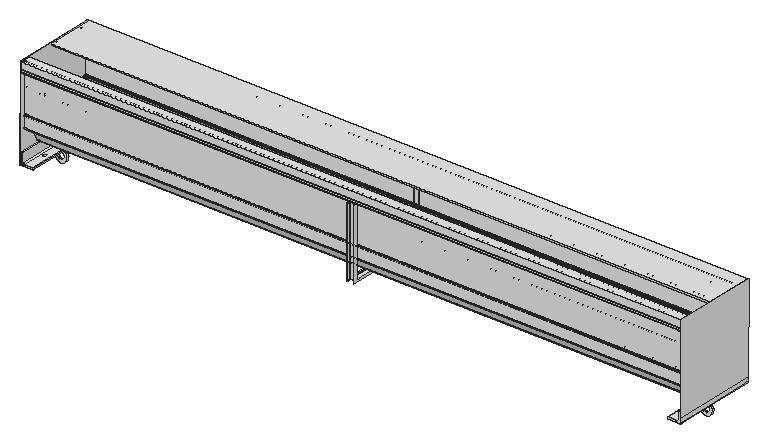
Revit family "Window_Shade-Draper_Inc.-Colossal_Flex_Shade", category Specialty Equipment, host Face, Revit 2012
Parameters (values of type "Colossal Flex Shade - 8'")
  Width = 1' - 0"  # constant formula
  Voltage = 120 V
  URL = "http://www.draperinc.com"
  Support Two = if(and(C Length > 14' 11", C Length < 19' 11"), 1 = 1, 1 = 0)  # no
  Support Three = C Length > 19' 11"  # no
  Support One = if(and(C Length > 7' 11", C Length < 14' 11"), 1 = 1, 1 = 0)  # yes
  Shade Material = Fabric - Draper - SunBloc - Series SB900
  Raised [instance] = not(Lowered)  # yes
  Product Page URL = "http://www.draperinc.com/WindowShades/shadeProducts.asp?detail=7"
  Product Documentation Link = "http://www.draperinc.com/filedownload.asp?pathname=WindowShades/submittals&filename=ColossalFlexShade_Sub.pdf"
  Power Factor = 1
  Phase = 1
  Overall Height = 7' - 0"
  Number of Poles = 1
  Notes = "Maximum size 28’-9” wide x 36’ height. Other sizes available. Contact Draper for details."  # constant formula
  Model = "Colossal FlexShade"  # constant formula
  Material = ""
  Manufacturer = "Draper Inc."  # constant formula
  Lowered [instance] = no
  Length = 8' - 0"
  Frequency = 60 Hz
  Description = "Window Shade"  # constant formula
  Default Elevation = if(Overall Height < 0' 4", 0' 4", if(Overall Height > 36' 0", 36' 0", Overall Height))  # 7' - 0"
  Case Material = Paint - Draper - White
  C Length = if(Length < 3' 0", 3' 0", if(Length > 28' 9", 28' 9", Length))  # 8' - 0"
  C Height = 7' - 0"
  Apparent Load = 132 VA
Reference planes (in)
  plane 1 "Center (Front/Back)": y = 0
  plane 2: z = 0
  plane 3 "Center (Left/Right)": x = 0
  plane 4 "Left": x = -48
  plane 5 "Right": x = 48
  plane 6: x = -47
  plane 7: x = 47
  plane 8 "Back": y = 6
  plane 9 "Front": y = -6
  plane 10: x = -47.09375
  plane 11: x = 47.09375
  plane 12: z = 0.12194
  plane 13 "Top": z = 84.12194
  plane 14: x = -41
  plane 15: x = 41
  plane 16: z = -11.33477
  plane 17 "Bottom": z = -13.25
Forms (in)
  Extrusion 1, solid, material "Paint - Draper - White" <- "Case Material"
    sketch origin (0, 0, 0) x (0, 1, 0) y (0, 0, 1)
      loop
        line (6, 0) -> (-0.725, 0) -> (-0.725, -0.24) -> (-0.59494, -0.24) -> (-0.59494, -0.17) -> (-0.655, -0.17) -> (-0.655, -0.1) -> (-0.025, -0.1) -> (-0.025, -0.17) -> (-0.08496, -0.17) -> (-0.08496, -0.24) -> (-0.025, -0.24) -> (-0.025, -0.35) -> (0.055, -0.35) -> (0.055, -0.1) -> (1.375, -0.1) -> (1.375, -0.18) -> (1.625, -0.18) -> (1.625, -0.1) -> (2.945, -0.1) -> (2.945, -0.18) -> (3.195, -0.18) -> (3.195, -0.1) -> (4.525, -0.1) -> (4.525, -0.228)
        arc (4.525, -0.228) -> (4.5578, -0.3072) -> (4.637, -0.34) r 0.112
        line (4.637, -0.34) -> (5.03193, -0.34) -> (5.24843, -0.715)
        arc (5.24843, -0.715) -> (5.33452, -0.80027) -> (5.452, -0.82996) r 0.23
        line (5.452, -0.82996) -> (5.452, -1.21) -> (5.9, -1.21) -> (5.9, -1.38) -> (5.452, -1.38) -> (5.452, -3.41773)
        arc (5.452, -3.41773) -> (5.28517, -3.38574) -> (5.1484, -3.4865) r 0.212
        line (5.1484, -3.4865) -> (5.23501, -3.5365)
        arc (5.23501, -3.5365) -> (5.444, -3.5925) -> (5.23501, -3.6485) r 0.112
        line (5.23501, -3.6485) -> (5.1484, -3.6985)
        arc (5.1484, -3.6985) -> (5.28517, -3.79926) -> (5.452, -3.76727) r 0.212
        line (5.452, -3.76727) -> (5.452, -6.63118)
        arc (5.452, -6.63118) -> (5.37307, -6.59925) -> (5.2945, -6.63206) r 0.112
        line (5.2945, -6.63206) -> (5.245, -6.68155) -> (5.1955, -6.63206)
        arc (5.1955, -6.63206) -> (5.11631, -6.59925) -> (5.03711, -6.63206) r 0.112
        line (5.03711, -6.63206) -> (4.97206, -6.69711)
        arc (4.97206, -6.69711) -> (4.93925, -6.77631) -> (4.97206, -6.8555) r 0.112
        line (4.97206, -6.8555) -> (5.0213, -6.90475) -> (4.97206, -6.954)
        arc (4.97206, -6.954) -> (4.93925, -7.03319) -> (4.97206, -7.11239) r 0.112
        line (4.97206, -7.11239) -> (5.03711, -7.17744)
        arc (5.03711, -7.17744) -> (5.11631, -7.21025) -> (5.1955, -7.17744) r 0.112
        line (5.1955, -7.17744) -> (5.245, -7.12795) -> (5.2945, -7.17744)
        arc (5.2945, -7.17744) -> (5.37307, -7.21025) -> (5.452, -7.17832) r 0.112
        line (5.452, -7.17832) -> (5.452, -8.6795) -> (4.452, -8.6795)
        arc (4.452, -8.6795) -> (4.39386, -8.69577) -> (4.35261, -8.73986) r 0.112
        line (4.35261, -8.73986) -> (3.18206, -10.99274)
        arc (3.18206, -10.99274) -> (3.10408, -10.91071) -> (2.995, -10.8805) r 0.212
        line (2.995, -10.8805) -> (2.995, -10.9805)
        arc (2.995, -10.9805) -> (3.051, -11.18949) -> (2.89801, -11.0365) r 0.112
        line (2.89801, -11.0365) -> (2.8114, -10.9865)
        arc (2.8114, -10.9865) -> (2.78316, -11.10078) -> (2.82023, -11.2125) r 0.212
        line (2.82023, -11.2125) -> (0.27382, -11.2125)
        arc (0.27382, -11.2125) -> (0.30575, -11.13357) -> (0.27294, -11.055) r 0.112
        line (0.27294, -11.055) -> (0.22345, -11.0055) -> (0.27294, -10.956)
        arc (0.27294, -10.956) -> (0.30575, -10.87681) -> (0.27294, -10.79761) r 0.112
        line (0.27294, -10.79761) -> (0.20789, -10.73256)
        arc (0.20789, -10.73256) -> (0.12869, -10.69975) -> (0.0495, -10.73256) r 0.112
        line (0.0495, -10.73256) -> (0, -10.78205) -> (-0.0495, -10.73256)
        arc (-0.0495, -10.73256) -> (-0.12869, -10.69975) -> (-0.20789, -10.73256) r 0.112
        line (-0.20789, -10.73256) -> (-0.27294, -10.79761)
        arc (-0.27294, -10.79761) -> (-0.30575, -10.87681) -> (-0.27294, -10.956) r 0.112
        line (-0.27294, -10.956) -> (-0.22345, -11.0055) -> (-0.27294, -11.055)
        arc (-0.27294, -11.055) -> (-0.30575, -11.13357) -> (-0.27382, -11.2125) r 0.112
        line (-0.27382, -11.2125) -> (-2.82023, -11.2125)
        arc (-2.82023, -11.2125) -> (-2.78316, -11.10078) -> (-2.8114, -10.9865) r 0.212
        line (-2.8114, -10.9865) -> (-2.89801, -11.0365)
        arc (-2.89801, -11.0365) -> (-3.051, -11.18949) -> (-2.995, -10.9805) r 0.112
        line (-2.995, -10.9805) -> (-2.995, -10.8805)
        arc (-2.995, -10.8805) -> (-3.10408, -10.91071) -> (-3.18206, -10.99274) r 0.212
        line (-3.18206, -10.99274) -> (-4.35261, -8.73986)
        arc (-4.35261, -8.73986) -> (-4.39386, -8.69577) -> (-4.452, -8.6795) r 0.112
        line (-4.452, -8.6795) -> (-5.452, -8.6795) -> (-5.452, -7.17832)
        arc (-5.452, -7.17832) -> (-5.37307, -7.21025) -> (-5.2945, -7.17744) r 0.112
        line (-5.2945, -7.17744) -> (-5.245, -7.12795) -> (-5.1955, -7.17744)
        arc (-5.1955, -7.17744) -> (-5.11631, -7.21025) -> (-5.03711, -7.17744) r 0.112
        line (-5.03711, -7.17744) -> (-4.97206, -7.11239)
        arc (-4.97206, -7.11239) -> (-4.93925, -7.03319) -> (-4.97206, -6.954) r 0.112
        line (-4.97206, -6.954) -> (-5.0213, -6.90475) -> (-4.97206, -6.8555)
        arc (-4.97206, -6.8555) -> (-4.93925, -6.77631) -> (-4.97206, -6.69711) r 0.112
        line (-4.97206, -6.69711) -> (-5.03711, -6.63206)
        arc (-5.03711, -6.63206) -> (-5.11631, -6.59925) -> (-5.1955, -6.63206) r 0.112
        line (-5.1955, -6.63206) -> (-5.245, -6.68155) -> (-5.2945, -6.63206)
        arc (-5.2945, -6.63206) -> (-5.37307, -6.59925) -> (-5.452, -6.63118) r 0.112
        line (-5.452, -6.63118) -> (-5.452, -3.76727)
        arc (-5.452, -3.76727) -> (-5.28517, -3.79926) -> (-5.1484, -3.6985) r 0.212
        line (-5.1484, -3.6985) -> (-5.23501, -3.6485)
        arc (-5.23501, -3.6485) -> (-5.444, -3.5925) -> (-5.23501, -3.5365) r 0.112
        line (-5.23501, -3.5365) -> (-5.1484, -3.4865)
        arc (-5.1484, -3.4865) -> (-5.28517, -3.38574) -> (-5.452, -3.41773) r 0.212
        line (-5.452, -3.41773) -> (-5.452, -1.38) -> (-5.9, -1.38) -> (-5.9, -1.21) -> (-5.452, -1.21) -> (-5.452, -0.84) -> (-5.9, -0.84) -> (-5.9, -0.1) -> (-5.632, -0.1)
        arc (-5.632, -0.1) -> (-5.72936, -0.24664) -> (-5.6824, -0.41627) r 0.212
        line (-5.6824, -0.41627) -> (-5.6058, -0.35199)
        arc (-5.6058, -0.35199) -> (-5.48169, -0.17475) -> (-5.50055, -0.3903) r 0.112
        line (-5.50055, -0.3903) -> (-5.48319, -0.48878)
        arc (-5.48319, -0.48878) -> (-5.31186, -0.32025) -> (-5.408, -0.1) r 0.212
        line (-5.408, -0.1) -> (-4.695, -0.1) -> (-4.695, -0.17) -> (-4.75501, -0.17) -> (-4.75501, -0.24) -> (-4.625, -0.24) -> (-4.625, 0) -> (-6, 0) -> (-6, -0.94) -> (-5.552, -0.94) -> (-5.552, -1.11) -> (-6, -1.11) -> (-6, -1.368)
        arc (-6, -1.368) -> (-5.9672, -1.4472) -> (-5.888, -1.48) r 0.112
        line (-5.888, -1.48) -> (-5.552, -1.48) -> (-5.552, -6.82095) -> (-5.46845, -6.9045) -> (-5.552, -6.98805) -> (-5.552, -8.6675)
        arc (-5.552, -8.6675) -> (-5.5192, -8.7467) -> (-5.44, -8.7795) r 0.112
        line (-5.44, -8.7795) -> (-4.44471, -8.7795) -> (-3.19022, -11.19393)
        arc (-3.19022, -11.19393) -> (-3.1092, -11.28054) -> (-2.995, -11.3125) r 0.22
        line (-2.995, -11.3125) -> (-0.08355, -11.3125) -> (0, -11.22895) -> (0.08355, -11.3125) -> (2.995, -11.3125)
        arc (2.995, -11.3125) -> (3.1092, -11.28054) -> (3.19022, -11.19393) r 0.22
        line (3.19022, -11.19393) -> (4.44471, -8.7795) -> (5.44, -8.7795)
        arc (5.44, -8.7795) -> (5.5192, -8.7467) -> (5.552, -8.6675) r 0.112
        line (5.552, -8.6675) -> (5.552, -6.98805) -> (5.4687, -6.90475) -> (5.552, -6.82145) -> (5.552, -1.48) -> (5.888, -1.48)
        arc (5.888, -1.48) -> (5.9672, -1.4472) -> (6, -1.368) r 0.112
        line (6, -1.368) -> (6, -1.11) -> (5.552, -1.11) -> (5.552, -0.94) -> (6, -0.94) -> (6, 0)
    from -47 to 47
  Extrusion 2, solid, material "Paint - Draper - White" <- "Case Material"
    sketch origin (0, 0, 0) x (0, 1, 0) y (0, 0, 1)
      loop
        line (-6, -13.25) -> (6, -13.25) -> (6, 0) -> (-6, 0) -> (-6, -13.25)
    from -47.09375 to -47
  Extrusion 3, solid, material "Paint - Draper - White" <- "Case Material"
    sketch origin (0, 0, 0) x (0, 1, 0) y (0, 0, 1)
      loop
        line (6, -12.4851) -> (6, 0) -> (-6, 0) -> (-6, -12.4851) -> (6, -12.4851)
    from 47 to 47.09375
  Extrusion 4, void
    sketch origin (0, 0, 0) x (1, 0, 0) y (0, 1, 0)
      loop
        line (-47.09375, 6) -> (-47.09375, -6) -> (47.09375, -6) -> (47.09375, 6) -> (-47.09375, 6)
    from -13.12806 to 0.12194
  Extrusion 5, solid, material "Fabric - Draper - SunBloc - Series SB900" <- "Shade Material", visible <- "Lowered"
    sketch origin (0, 0, 0) x (0, 1, 0) y (0, 0, 1)
      loop
        line (-3.2475, 82.01885) -> (-3.1875, 82.01885) -> (-3.1875, 82.26885) -> (-2.66596, 82.7904)
        arc (-2.66596, 82.7904) -> (-3.2175, 84.12194) -> (-3.76904, 82.7904) r 0.78
        line (-3.76904, 82.7904) -> (-3.2475, 82.26885) -> (-3.2475, 82.01885)
    from -41 to 41
  Sweep 6, solid, material "Fabric - Draper - SunBloc - Series SB900" <- "Shade Material", visible <- "Lowered"
    path origin (0, 0, 0) x (0, 1, 0) y (0, 0, 1)
      loop
        line (-3.2175, 82.12194) -> (-3.2175, -3.49177)
    profile origin (0, -3.2175, 39.31509) x (1, 0, 0) y (0, 1, 0)
      loop
        line (-41, 0.03125) -> (-41, -0.03125) -> (41, -0.03125) -> (41, 0.03125) -> (-41, 0.03125)
  Extrusion 7, solid, material "Paint - Draper - White" <- "Case Material"
    sketch origin (0, 0, 0) x (0, 1, 0) y (0, 0, 1)
      loop
        circle (-3.5, -1.5) r 0.4375
      loop
        circle (3.5, -1.5) r 0.4375
    from -47.13344 to -47.09375
Lines and regions (in)
  Masking region 1
    outline origin (0, 0, 0) x (1, 0, 0) y (0, 1, 0)
      loop
        line (-47.09375, 6) -> (-47.09375, -6) -> (47.09375, -6) -> (47.09375, 6) -> (-47.09375, 6)
      loop
        line (-47, -0.725) -> (-47, -4.35261) -> (47, -4.35261) -> (47, -0.725) -> (-47, -0.725)
  symbolic lines, detail levels fine
    curve 1: line (-46.75, -3.99901, 0) -> (-46.75, 3.99901, 0)
    curve 2: line (46.75, 3.99901, 0) -> (46.75, -3.99901, 0)
Dimensions and locks (in)
  equal spacing: plane 4 "Left", plane 3 "Center (Left/Right)", plane 5 "Right"
  "C Length": plane 4 "Left" to plane 5 "Right"
  plane 4 "Left" to plane 6 = 0' - 1"
  plane 7 to plane 5 "Right" = 0' - 1"
  locked: plane 10 to plane 6 at 0.09375
  locked: plane 7 to plane 11 at 0.09375
  locked: plane 12 to plane 2 at 0.12194
  equal spacing: Extrusion 4 sketch curve, plane 1 "Center (Front/Back)", Extrusion 4 sketch curve
  Extrusion 4 sketch curve to Extrusion 4 sketch curve = 1' - 0"
  "C Height": plane 13 "Top" to plane 12
  locked: plane 15 to plane 5 "Right" at 7
  locked: plane 4 "Left" to plane 14 at 7
  locked: plane 2 to Sweep 6 sketch curve at 3.49177
  locked: plane 13 "Top" to Sweep 6 sketch curve at 2
  Sweep 6 sketch curve to profile plane to Sweep 6 sketch curve = 0' - 0 1/32" locked, 0' - 0 1/32" locked
  Extrusion 2 sketch curve to plane 1 "Center (Front/Back)" to Extrusion 2 sketch curve = 0' - 6" locked, 0' - 6" locked
  Extrusion 3 sketch curve to plane 1 "Center (Front/Back)" to Extrusion 3 sketch curve = 0' - 6" locked, 0' - 6" locked
  plane 2 to Extrusion 2 = 1' - 1 1/4"
  plane 13 "Top" to Extrusion 5 sketch curve = 0' - 0"
  plane 13 "Top" to Extrusion 5 sketch curve to Extrusion 5 sketch curve = 0' - 1.85309" locked, 0' - 0 1/4" locked
  locked: plane 13 "Top" to Extrusion 5 sketch curve at 1.85309
  locked: nested 3 to plane 9 "Front" at 0.01172  (x2)
  equal spacing: plane 5 "Right", nested 5, nested 4, nested 3, plane 4 "Left"
  locked: nested 4 to plane 9 "Front" at 0.01172
  locked: Extrusion 7 sketch curve to plane 9 "Front" at 2.5
  locked: plane 2 to Extrusion 7 sketch curve at 1.5  (x2)
  locked: plane 8 "Back" to Extrusion 7 sketch curve at 2.5
  locked: plane 10 to Extrusion 7 at 0.03969
  equal spacing: plane 8 "Back", plane 1 "Center (Front/Back)", plane 9 "Front"
  "Width": plane 8 "Back" to plane 9 "Front"
  level to plane 17 "Bottom" = 1' - 1 1/4"
  locked: plane 1 "Center (Front/Back)" to Sweep 6 sketch curve at 3.2175
  plane 1 "Center (Front/Back)" to Extrusion 5 sketch curve to Extrusion 5 sketch curve to Extrusion 5 sketch curve to Extrusion 5 sketch curve = 0' - 2 7/16" locked, 0' - 0 3/4" locked, 0' - 0.06" locked, 0' - 0 3/4" locked
  equal spacing: plane 4 "Left", nested 3, nested 4, nested 5, plane 5 "Right"
  plane 2 to Extrusion 1 sketch curve to Extrusion 1 sketch curve to Extrusion 1 sketch curve to Extrusion 1 sketch curve = 0' - 0.1" locked, 0' - 0.07" locked, 0' - 0.07" locked, 0' - 0.11" locked
  plane 2 to Extrusion 1 sketch curve to Extrusion 1 sketch curve to Extrusion 1 sketch curve to Extrusion 1 sketch curve to Extrusion 1 sketch curve to Extrusion 1 sketch curve to Extrusion 1 sketch curve to Extrusion 1 sketch curve to Extrusion 1 sketch curve to Extrusion 1 sketch curve to Extrusion 1 sketch curve to Extrusion 1 sketch curve to Extrusion 1 sketch curve to Extrusion 1 sketch curve to Extrusion 1 sketch curve to Extrusion 1 sketch curve to Extrusion 1 sketch curve to Extrusion 1 sketch curve to Extrusion 1 sketch curve to Extrusion 1 sketch curve to Extrusion 1 sketch curve to Extrusion 1 sketch curve to Extrusion 1 sketch curve to Extrusion 1 sketch curve to Extrusion 1 sketch curve to Extrusion 1 sketch curve to Extrusion 1 sketch curve to Extrusion 1 sketch curve to Extrusion 1 sketch curve to Extrusion 1 sketch curve = 0' - 0.18" locked, 0' - 0.16" locked, 0' - 0.48996" locked, 0' - 0.11004" locked, 0' - 0.17" locked, 0' - 0.1" locked, 0' - 0.17" locked, 0' - 0.1" locked, 0' - 1.9005" locked, 0' - 0.1" locked, 0' - 0.324" locked, 0' - 2.79475" locked, 0' - 0" locked, 0' - 0.22219" locked, 0' - 0.03406" locked, 0' - 0.04925" locked, 0' - 0.04925" locked, 0' - 0.03406" locked, 0' - 0.22219" locked, 0' - 0" locked, 0' - 1.46925" locked, 0' - 0.1" locked, 0' - 1.95306" locked, 0' - 0.06505" locked, 0' - 0.08289" locked, 0' - 0.0755" locked, 0' - 0.17819" locked, 0' - 0 9/128" locked, 0' - 0.008" locked, 0' - 0.1" locked
  plane 8 "Back" to Extrusion 1 sketch curve to Extrusion 1 sketch curve to Extrusion 1 sketch curve to Extrusion 1 sketch curve to Extrusion 1 sketch curve to Extrusion 1 sketch curve to Extrusion 1 sketch curve to Extrusion 1 sketch curve to Extrusion 1 sketch curve to Extrusion 1 sketch curve to Extrusion 1 sketch curve to Extrusion 1 sketch curve to Extrusion 1 sketch curve to Extrusion 1 sketch curve = 0' - 0.1" locked, 0' - 0.348" locked, 0' - 0.1" locked, 0' - 0.42007" locked, 0' - 0.50693" locked, 0' - 1.33" locked, 0' - 0 1/4" locked, 0' - 1.32" locked, 0' - 0 1/4" locked, 0' - 1.32" locked, 0' - 0.08" locked, 0' - 0.05996" locked, 0' - 0.50998" locked, 0' - 0.06006" locked
  Extrusion 1 sketch curve to Extrusion 1 sketch curve to Extrusion 1 sketch curve to Extrusion 1 sketch curve to Extrusion 1 sketch curve to Extrusion 1 sketch curve to Extrusion 1 sketch curve to Extrusion 1 sketch curve to Extrusion 1 sketch curve to Extrusion 1 sketch curve to plane 9 "Front" = 0' - 0.07" locked, 0' - 0.06001" locked, 0' - 0.55299" locked, 0' - 0.144" locked, 0' - 0.1" locked, 0' - 0.08" locked, 0' - 0.1" locked, 0' - 0.168" locked, 0' - 0" locked, 0' - 0.1" locked
  plane 2 to Extrusion 1 sketch curve to Extrusion 1 sketch curve to Extrusion 1 sketch curve to Extrusion 1 sketch curve to Extrusion 1 sketch curve to Extrusion 1 sketch curve to Extrusion 1 sketch curve to Extrusion 1 sketch curve to Extrusion 1 sketch curve to Extrusion 1 sketch curve to Extrusion 1 sketch curve to Extrusion 1 sketch curve to Extrusion 1 sketch curve to Extrusion 1 sketch curve to Extrusion 1 sketch curve to Extrusion 1 sketch curve to Extrusion 1 sketch curve to Extrusion 1 sketch curve to Extrusion 1 sketch curve to Extrusion 1 sketch curve to Extrusion 1 sketch curve to Extrusion 1 sketch curve to Extrusion 1 sketch curve to Extrusion 1 sketch curve to Extrusion 1 sketch curve to Extrusion 1 sketch curve to Extrusion 1 sketch curve to Extrusion 1 sketch curve to Extrusion 1 sketch curve to Extrusion 1 sketch curve = 0' - 0.168" locked, 0' - 0.002" locked, 0' - 0.07" locked, 0' - 0.252" locked, 0' - 0.348" locked, 0' - 0.1" locked, 0' - 0.17" locked, 0' - 0.1" locked, 0' - 0.17" locked, 0' - 0.1" locked, 0' - 1.9005" locked, 0' - 0.1" locked, 0' - 0.324" locked, 0' - 2.79475" locked, 0' - 0" locked, 0' - 0.09786" locked, 0' - 0.12384" locked, 0' - 0.03456" locked, 0' - 0.049" locked, 0' - 0.0495" locked, 0' - 0.03406" locked, 0' - 0.12434" locked, 0' - 0.09786" locked, 0' - 0" locked, 0' - 1.46925" locked, 0' - 0.1" locked, 0' - 2.101" locked, 0' - 0.212" locked, 0' - 0.12" locked, 0' - 0.1" locked
  Extrusion 1 sketch curve to Extrusion 1 sketch curve to plane 1 "Center (Front/Back)" to Extrusion 1 sketch curve to Extrusion 1 sketch curve = 0' - 0.15839" locked, 0' - 0.0495" locked, 0' - 0.20789" locked, 0' - 0.06505" locked
  Extrusion 1 sketch curve to Extrusion 1 sketch curve to Extrusion 1 sketch curve to Extrusion 1 sketch curve to plane 1 "Center (Front/Back)" to Extrusion 1 sketch curve to Extrusion 1 sketch curve to Extrusion 1 sketch curve to Extrusion 1 sketch curve to Extrusion 1 sketch curve = 0' - 0.00088" locked, 0' - 0.0495" locked, 0' - 0.13989" locked, 0' - 0.08355" locked, 0' - 0" locked, 0' - 0.08355" locked, 0' - 0.13989" locked, 0' - 0.0495" locked, 0' - 0.00088" locked
  equal spacing: plane 4 "Left", nested 6, nested 7, plane 5 "Right"
  aligned and locked: plane 2 to host face
  aligned and locked: Extrusion 1 to plane 6
  aligned and locked: Extrusion 1 to plane 7
  aligned and locked: Extrusion 2 to Extrusion 1
  aligned and locked: Extrusion 2 to plane 10
  aligned and locked: Extrusion 3 to plane 11
  aligned and locked: Extrusion 3 to Extrusion 1
  aligned and locked: Extrusion 5 to plane 14
  aligned and locked: Extrusion 5 to plane 15
  aligned and locked: Sweep 6 sketch curve to plane 14
  aligned and locked: Sweep 6 sketch curve to plane 15
  aligned and locked: plane 1 "Center (Front/Back)" to nested 1
  aligned and locked: nested 1 to plane 6
  aligned and locked: plane 7 to nested 2
  aligned and locked: plane 2 to Extrusion 2 sketch curve
  aligned and locked: Masking region 1 sketch curve to plane 8 "Back"
  aligned and locked: plane 9 "Front" to Masking region 1 sketch curve
  aligned and locked: plane 10 to Masking region 1 sketch curve
  aligned and locked: plane 11 to Masking region 1 sketch curve
  aligned and locked: plane 11 to Extrusion 4 sketch curve
  aligned and locked: plane 10 to Extrusion 4 sketch curve
  aligned and locked: Extrusion 7 to Extrusion 2
  aligned and locked: Extrusion 1 sketch curve to Extrusion 3  (x2)
  aligned and locked: plane 17 "Bottom" to Extrusion 2 sketch curve
  aligned and locked: Extrusion 1 to Masking region 1 sketch curve
  aligned and locked: Masking region 1 sketch curve to Extrusion 1  (x2)
  aligned and locked: plane 6 to Masking region 1 sketch curve
  aligned and locked: plane 16 to nested 4
  aligned and locked: plane 16 to nested 5
  aligned and locked: plane 16 to nested 3
  aligned and locked: Extrusion 1 sketch curve to Extrusion 1 sketch curve  (x2)
  aligned and locked: plane 16 to nested 6
  aligned and locked: plane 16 to nested 7
  aligned and locked: plane 16 to nested 8
  aligned and locked: plane 3 "Center (Left/Right)" to nested 8
  aligned and locked: nested 6 to plane 1 "Center (Front/Back)"
  aligned and locked: nested 8 to plane 1 "Center (Front/Back)"
  aligned and locked: nested 7 to plane 1 "Center (Front/Back)"
Automatic sketch dimensions
  host sketch curve to host sketch curve = 8' - 0"  (x2)
  plane 9 "Front" to curve 1 = 0' - 2.00099"
  curve 1 to plane 8 "Back" = 0' - 2.00099"
  plane 9 "Front" to curve 2 = 0' - 2.00099"
  curve 2 to plane 8 "Back" = 0' - 2.00099"
  plane 7 to curve 2 = 0' - 0 1/4"
  plane 6 to curve 1 = 0' - 0 1/4"
  Extrusion 3 sketch curve to plane 2 = 0' - 0"
  Extrusion 4 sketch curve to plane 9 "Front" = 0' - 0"
  Extrusion 1 sketch curve to Extrusion 1 sketch curve = 0' - 0"  (x31)
  Extrusion 1 sketch curve to plane 9 "Front" = 0' - 0"  (x2)
  Extrusion 1 sketch curve to plane 2 = 0' - 0"
  Extrusion 1 sketch curve to plane 8 "Back" = 0' - 0"
  Extrusion 1 sketch curve to Extrusion 1 sketch curve = 0' - 0.012"  (x7)
  Extrusion 1 sketch curve to Extrusion 1 sketch curve = 0' - 0.268"
  Extrusion 1 sketch curve to Extrusion 1 sketch curve = 0' - 0.0766"
  Extrusion 1 sketch curve to Extrusion 1 sketch curve = 0' - 0.336"
  Extrusion 1 sketch curve to Extrusion 1 sketch curve = 0' - 0.0858"
  Extrusion 1 sketch curve to Extrusion 1 sketch curve = 0' - 0.01945"
  Extrusion 1 sketch curve to Extrusion 1 sketch curve = 0' - 0.01736"
  Extrusion 1 sketch curve to Extrusion 1 sketch curve = 0' - 0.1"  (x3)
  Extrusion 1 sketch curve to Extrusion 1 sketch curve = 0' - 0.07831"  (x3)
  Extrusion 1 sketch curve to Extrusion 1 sketch curve = 0' - 0.0792"  (x12)
  Extrusion 1 sketch curve to Extrusion 1 sketch curve = 0' - 0.0495"  (x14)
  Extrusion 1 sketch curve to Extrusion 1 sketch curve = 0' - 0.09699"  (x4)
  Extrusion 1 sketch curve to Extrusion 1 sketch curve = 0' - 0.0866"  (x4)
  Extrusion 1 sketch curve to Extrusion 1 sketch curve = 0' - 0.06505"  (x20)
  Extrusion 1 sketch curve to Extrusion 1 sketch curve = 0' - 0.02995"
  Extrusion 1 sketch curve to Extrusion 1 sketch curve = 0' - 0.04925"  (x3)
  Extrusion 1 sketch curve to Extrusion 1 sketch curve = 0' - 0.988"
  Extrusion 1 sketch curve to Extrusion 1 sketch curve = 0' - 0.00729"  (x2)
  Extrusion 1 sketch curve to Extrusion 1 sketch curve = 0' - 1.26178"
  Extrusion 1 sketch curve to Extrusion 1 sketch curve = 0' - 0.00816"  (x2)
  Extrusion 1 sketch curve to Extrusion 1 sketch curve = 0' - 0.07777"
  Extrusion 1 sketch curve to Extrusion 1 sketch curve = 0' - 0.07"  (x2)
  plane 1 "Center (Front/Back)" to Extrusion 1 sketch curve = 0' - 0.025"
  plane 1 "Center (Front/Back)" to Extrusion 1 sketch curve = 0' - 0"
  Extrusion 1 sketch curve to Extrusion 1 sketch curve = 0' - 0.0297"  (x3)
  Extrusion 1 sketch curve to Extrusion 1 sketch curve = 0' - 2.53846"
  Extrusion 1 sketch curve to Extrusion 1 sketch curve = 0' - 0.00883"
  Extrusion 1 sketch curve to plane 2 = 0' - 0.18"
  Extrusion 1 sketch curve to plane 8 "Back" = 0' - 1.64739"
  Extrusion 1 sketch curve to Extrusion 1 sketch curve = 0' - 0.0921"
  Extrusion 1 sketch curve to Extrusion 1 sketch curve = 0' - 0.112"
  Extrusion 1 sketch curve to plane 8 "Back" = 0' - 0.548"
  Extrusion 1 sketch curve to Extrusion 1 sketch curve = 0' - 0.19919"
  Extrusion 1 sketch curve to Extrusion 1 sketch curve = 0' - 0.00438"
  Extrusion 1 sketch curve to Extrusion 1 sketch curve = 0' - 0.12"
  Extrusion 1 sketch curve to Extrusion 1 sketch curve = 0' - 0.095"
  Extrusion 1 sketch curve to Extrusion 1 sketch curve = 0' - 0.03964"
  Extrusion 1 sketch curve to Extrusion 1 sketch curve = 0' - 0.006"  (x2)
  Extrusion 1 sketch curve to Extrusion 1 sketch curve = 0' - 0.01224"  (x2)
  Extrusion 1 sketch curve to Extrusion 1 sketch curve = 0' - 0.00088"  (x2)
  Extrusion 1 sketch curve to Extrusion 1 sketch curve = 0' - 0.06877"  (x2)
  Extrusion 1 sketch curve to Extrusion 1 sketch curve = 0' - 0.05"  (x4)
  Extrusion 1 sketch curve to Extrusion 1 sketch curve = 0' - 0.11496"
  Extrusion 1 sketch curve to Extrusion 1 sketch curve = 0' - 0.07251"
  Extrusion 1 sketch curve to Extrusion 1 sketch curve = 0' - 0.08"  (x3)
  Extrusion 3 sketch curve to plane 16 = 0' - 1.15033"
  Extrusion 5 sketch curve to Extrusion 5 sketch curve = 0' - 0.52154"
  Extrusion 5 sketch curve to plane 13 "Top" = 0' - 1.33154"
  radius of Extrusion 7 sketch curve = 0' - 0 7/16"  (x2)
Nested families (in)
  nested 1: "Bracket_Draper" at (-47, 0, -11.5), type "Bracket_Draper", detail levels medium+fine
  nested 2: "Bracket_Draper" at (47, 0, -11.5) x (-1, 0, 0) z (0, 0, 1), type "Bracket_Draper", detail levels medium+fine
  nested 3: "Strap_Draper" at (-24, -0.00391, -1.71368) x (0, 1, 0) z (0, 0, 1), visible <- "Support Three", type "Strap_Draper", detail levels medium+fine
  nested 4: "Strap_Draper" at (0, -0.00391, -1.71368) x (0, 1, 0) z (0, 0, 1), visible <- "Support Three", type "Strap_Draper", detail levels medium+fine
  nested 5: "Strap_Draper" at (24, -0.00391, -1.71368) x (0, 1, 0) z (0, 0, 1), visible <- "Support Three", type "Strap_Draper", detail levels medium+fine
  nested 6: "Strap_Draper" at (-16, 0, -1.71368) x (0, 1, 0) z (0, 0, 1), visible <- "Support Two", type "Strap_Draper", detail levels medium+fine
  nested 7: "Strap_Draper" at (16, 0, -1.71368) x (0, 1, 0) z (0, 0, 1), visible <- "Support Two", type "Strap_Draper", detail levels medium+fine
  nested 8: "Strap_Draper" at (0, 0, -1.71368) x (0, 1, 0) z (0, 0, 1), visible <- "Support One", type "Strap_Draper", detail levels medium+fine
Connectors (in)
  electrical at (-47.13344, -3.5, -1.5), driven by "Number of Poles", driven by "Voltage", driven by "Apparent Load", driven by "Power Factor"
    settings: on Extrusion 7, index 1, voltage 120 V, apparent load 0 VA, apparent load phase1 132 VA, apparent load phase2 0 VA, apparent load phase3 0 VA, power factor 1, load classification "Other", number of poles 1, system type 31, power factor state 1, is connector primary yes, connector utility no, sub classification motor no, connector description "Power Connection"
Definition of nested family "Bracket_Draper"
  Parameters (values of type "Bracket_Draper")
    Screw Offset = 0' - 3"
    Material = none
    Manufacturer = "Draper Inc."  # constant formula
    Length = 1' - 0"
  Reference planes (in)
    plane 1 "Center (Front/Back)": y = 0
    plane 2: z = 0
    plane 3 "Center (Left/Right)": x = 0
    plane 4 "Back": y = 6
    plane 5 "Front": y = -6
    plane 6: y = 3
    plane 7: y = -3
  Forms (in)
    Extrusion 1, solid, material <- "Material"
      sketch origin (0, 0, 0) x (1, 0, 0) y (0, 0, 1)
        loop
          arc (0.4375, -1.5) -> (0.30492, -1.44508) -> (0.25, -1.3125) r 0.1875
          line (0.25, -1.3125) -> (0.25, -0.09375)
          arc (0.25, -0.09375) -> (0.22254, -0.02746) -> (0.15625, 0) r 0.09375
          line (0.15625, 0) -> (0.09375, 0)
          arc (0.09375, 0) -> (0.02746, -0.02746) -> (0, -0.09375) r 0.09375
          line (0, -0.09375) -> (0, -1.71875)
          arc (0, -1.71875) -> (0.00915, -1.74085) -> (0.03125, -1.75) r 0.03125
          line (0.03125, -1.75) -> (1.65625, -1.75)
          arc (1.65625, -1.75) -> (1.72254, -1.72254) -> (1.75, -1.65625) r 0.09375
          line (1.75, -1.65625) -> (1.75, -1.59375)
          arc (1.75, -1.59375) -> (1.72254, -1.52746) -> (1.65625, -1.5) r 0.09375
          line (1.65625, -1.5) -> (0.4375, -1.5)
      from -6 to 6
    Revolve 2, solid, material <- "Material", detail levels fine
      sketch origin (0, 0, 0) x (1, 0, 0) y (0, 0, 1)
        loop
          line (1, -0.25) -> (0.8, -0.25) -> (0.75, -0.30002) -> (0.75, -1.75) -> (1, -1.75) -> (1, -0.25)
        axis (1, -1.75) -> (1, -0.25)
      angle from 0 to 360
    Extrusion 3, solid, material <- "Material", detail levels fine
      sketch origin (0, 3, 0) x (1, 0, 0) y (0, 0, 1)
        loop
          arc (1.55641, -2.07186) -> (1.48819, -1.99007) -> (1.45498, -1.88887) r 0.28338
          line (1.45498, -1.88887) -> (1.45498, -1.75) -> (0.54502, -1.75) -> (0.54502, -1.88887)
          arc (0.54502, -1.88887) -> (0.51193, -1.98986) -> (0.44396, -2.07156) r 0.28338
          arc (0.44396, -2.07156) -> (0.99976, -3.62582) -> (1.55641, -2.07186) r 0.87659
        loop
          circle (1, -2.74923) r 0.49615
      from 2.90657 to 3.09192
    Extrusion 4, void
      sketch origin (0, 0, 0) x (1, 0, 0) y (0, 1, 0)
        loop
          circle (1.00115, 3) r 0.25
      from -1.75 to -1.5
    Extrusion 5, void
      sketch origin (0, 0, 0) x (1, 0, 0) y (0, 1, 0)
        loop
          circle (1, -3) r 0.25
      from -1.75 to -1.5
  Cuts and joins
    Extrusion 4, Extrusion 5 cuts Extrusion 1
  Dimensions and locks (in)
    equal spacing: plane 5 "Front", plane 1 "Center (Front/Back)", plane 4 "Back"
    "Length": plane 4 "Back" to plane 5 "Front"
    locked: Extrusion 1 sketch curve to plane 3 "Center (Left/Right)" at 1.75
    locked: plane 2 to Extrusion 1 sketch curve at 1.75
    locked: Extrusion 1 sketch curve to Extrusion 1 sketch curve at 0.25
    locked: Extrusion 1 sketch curve to plane 3 "Center (Left/Right)" at 0.25
    plane 2 to Extrusion 1 sketch curve to Extrusion 1 sketch curve to Extrusion 1 sketch curve to Extrusion 1 sketch curve = 0' - 0 3/32" locked, 0' - 1 7/32" locked, 0' - 0 9/32" locked, 0' - 0 1/16" locked
    Extrusion 1 sketch curve to Extrusion 1 sketch curve to Extrusion 1 sketch curve to Extrusion 1 sketch curve to plane 3 "Center (Left/Right)" = 0' - 1 7/32" locked, 0' - 0 9/32" locked, 0' - 0 1/16" locked, 0' - 0 3/32" locked
    "Screw Offset": plane 1 "Center (Front/Back)" to plane 7
    "Screw Offset": plane 1 "Center (Front/Back)" to plane 6
    Extrusion 3 to plane 1 "Center (Front/Back)" to Extrusion 3 = 0' - 0.09343" locked, 0' - 0.09192" locked
    Revolve 2 sketch curve to Revolve 2 sketch curve to Revolve 2 sketch curve = 0' - 0.2" locked, 0' - 0.05" locked
    locked: Revolve 2 sketch curve to Revolve 2 sketch curve at 1.5
    locked: Revolve 2 sketch curve to Revolve 2 sketch curve at 0.25
    locked: Extrusion 3 sketch curve to Extrusion 3 sketch curve at 0.90996
    locked: Extrusion 3 sketch curve to Extrusion 3 sketch curve at 1.75319
    locked: Extrusion 3 sketch curve to Extrusion 3 sketch curve at 0.99229
    locked: plane 1 "Center (Front/Back)" to Revolve 2 at 0
    locked: plane 3 "Center (Left/Right)" to Extrusion 4 sketch curve at 1.00115
    locked: plane 6 to Extrusion 4 sketch curve at 0
    locked: plane 3 "Center (Left/Right)" to Extrusion 5 sketch curve at 1
    locked: plane 7 to Extrusion 5 sketch curve at 0
    aligned and locked: plane 2 to level
    aligned and locked: plane 4 "Back" to Extrusion 1
    aligned and locked: Extrusion 1 to plane 5 "Front"
    aligned and locked: level to Extrusion 1 sketch curve
    aligned and locked: Extrusion 1 to Extrusion 5  (x2)
    aligned and locked: Extrusion 1 to Extrusion 4  (x2)
  Automatic sketch dimensions
    Extrusion 1 sketch curve to plane 3 "Center (Left/Right)" = 0' - 0"
    Extrusion 1 sketch curve to Extrusion 1 sketch curve = 0' - 0 1/32"
    plane 3 "Center (Left/Right)" to Revolve 2 sketch curve = 0' - 0 3/4"
    plane 3 "Center (Left/Right)" to Revolve 2 sketch curve = 0' - 1"
    Revolve 2 sketch curve to level = 0' - 2 3/4"
    Revolve 2 sketch curve to Revolve 2 sketch curve = 0' - 1"
    Revolve 2 sketch curve to Revolve 2 sketch curve = 0' - 0.05002"
    level to Revolve 2 sketch curve = 0' - 0.43074"
    Extrusion 3 sketch curve to Extrusion 3 sketch curve = 0' - 0"  (x2)
    plane 3 "Center (Left/Right)" to Extrusion 3 sketch curve = 0' - 0.26396"
    Extrusion 3 sketch curve to Extrusion 3 sketch curve = 0' - 0.18"
    Extrusion 3 sketch curve to Extrusion 3 sketch curve = 0' - 0.10106"
    Extrusion 3 sketch curve to Extrusion 3 sketch curve = 0' - 0.55604"
    Extrusion 3 sketch curve to Extrusion 3 sketch curve = 0' - 0.10143"
    Extrusion 3 sketch curve to Extrusion 3 sketch curve = 0' - 0.17963"
    Extrusion 3 sketch curve to level = 0' - 2.74923"
    Extrusion 3 sketch curve to Extrusion 3 sketch curve = 0' - 0.18299"
    Extrusion 3 sketch curve to Extrusion 3 sketch curve = 0' - 0.18268"
    Extrusion 3 sketch curve to Extrusion 3 sketch curve = 0' - 0.13887"
    radius of Extrusion 4 sketch curve = 0' - 0 1/4"
    radius of Extrusion 5 sketch curve = 0' - 0 1/4"
Definition of nested family "Strap_Draper"
  Parameters (values of type "Strap_Draper")
    Material = none
    Manufacturer = "Draper Inc."  # constant formula
  Reference planes (in)
    plane 1 "Center (Front/Back)": y = 0
    plane 2: z = 0
    plane 3 "Center (Left/Right)": x = 0
  Forms (in)
    Sweep 1, solid, material <- "Material"
      path origin (0, 0, 0) x (1, 0, 0) y (0, 0, 1)
        loop
          line (-5.60937, 0) -> (-5.60937, -9.62109) -> (5.60938, -9.62109) -> (5.60938, 0)
      profile origin (0, 0, -9.62109) x (0, 0, 1) y (0, -1, 0)
        loop
          line (0, -0.5) -> (0, 0.5) -> (-0.375, 0.5) -> (-0.375, 0.45608)
          arc (-0.375, 0.45608) -> (-0.35587, 0.44104) -> (-0.33261, 0.43389) r 0.06655
          line (-0.33261, 0.43389) -> (-0.17814, 0.41611)
          arc (-0.17814, 0.41611) -> (-0.14023, 0.39645) -> (-0.125, 0.35656) r 0.06
          line (-0.125, 0.35656) -> (-0.125, -0.35646)
          arc (-0.125, -0.35646) -> (-0.1402, -0.39642) -> (-0.17814, -0.41611) r 0.06
          line (-0.17814, -0.41611) -> (-0.33261, -0.43389)
          arc (-0.33261, -0.43389) -> (-0.35587, -0.44104) -> (-0.375, -0.45608) r 0.06655
          line (-0.375, -0.45608) -> (-0.375, -0.5) -> (0, -0.5)
  Dimensions and locks (in)
    Sweep 1 sketch curve to profile plane to Sweep 1 sketch curve = 0' - 0 1/2" locked, 0' - 0 1/2" locked
    locked: Sweep 1 sketch curve to profile plane at 0.375  (x2)
    Sweep 1 sketch curve to Sweep 1 sketch curve to profile plane to Sweep 1 sketch curve to Sweep 1 sketch curve = 0' - 0.05966" locked, 0' - 0.35646" locked, 0' - 0.35656" locked, 0' - 0.05956" locked
    locked: Sweep 1 sketch curve to profile plane at 0.125
    aligned and locked: plane 2 to level
